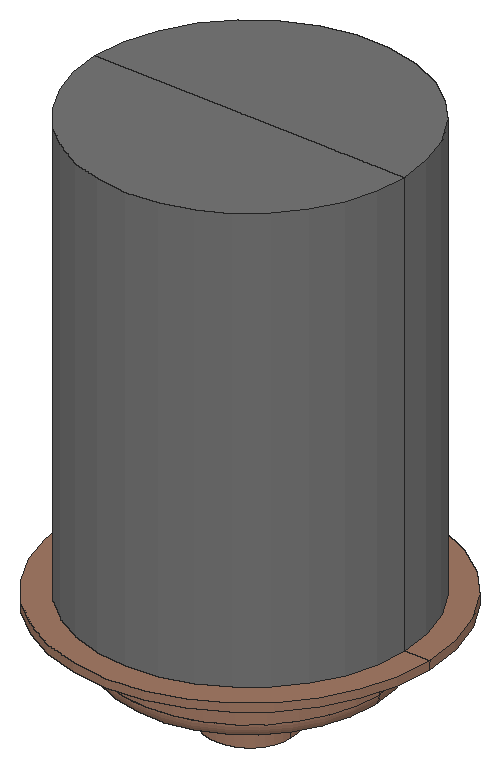
Revit family "Drain-Green_Roof-Jay R. Smith-Round_Type-1900_Series (aa6b9991-9b21-4e79-a296-04797d5d9b2e) (1)", category Plumbing Fixtures, Revit 2021
Family settings
  Round Connector Dimension = Use Radius
  Part Type = Normal
  OmniClass Number = 23.70.50.21.24.11
  OmniClass Title = Roof Waste Water Drains
  Work Plane-Based = Yes
  Always vertical = Yes
  Cut with Voids When Loaded = No
  Shared = No
  Room Calculation Point = No
Parameters (values of type "1900Y03")
  Waste Connection = yes
  Vent Connection = no
  URL = "http://www.jrsmith.com"
  T - Threaded Outlet = no
  Standpipe Material = Plastic-Jay R Smith-White
  R - Sump Receiver = no
  Product Page URL = "https://www.jrsmith.com/green-roof-main-area-drain-with-standpipe-1900"
  Product Documentation Link = "https://www.jrsmith.com/uploads/fileLibrary/d1900.pdf"
  Perforated P.V.C. Standpipe Height = 16 1/2"  # constant formula
  Perforated Gravel Stop Height = 18"  # constant formula
  Overall Diameter = 15 1/4"
  Outlet Radius = Outlet Diameter / 2  # 1 1/2"
  Outlet Diameter = 3"
  Model = "1900Y03"
  Material = "Cast Iron-Jay R Smith-Duco Coated"  # constant formula
  Manufacturer = "Jay R. Smith"  # constant formula
  Load Rating = "Load between 2,000 lbs. (900 kg) and 4,999 lbs. (2,250 kg) per ASME A112.6.3\r\nFloor Drain Standard."
  LXH - Speedi-Set Extra Heavy - 02"(50), 03"(75) & 04"(100) sizes only = no
  L - Speedi-Set Service Weight - 02"(50), 03"(75) & 04"(100) sizes only = no
  Installation Type = "Deck Mounted"  # constant formula
  HW Connection = no
  Gravel Guard Material = Stainless Steel-Jay R Smith-Perforated
  G - Galvanized Cast Iron = no
  Diameter = 15 1/4"  # constant formula
  Description = "Green Roof Main Area Drain with Standpipe"  # constant formula
  Depth Of Body = 5"
  Default Elevation = 0"
  Creation Date = "03/20/2024"  # constant formula
  Connection Outlet Description = "3\" No-HUB Outlet Connection"
  CW Connection = no
  CL - "L" Shaped Underdeck Clamp = no
  C - Underdeck Clamp = no
  Body Material = Cast Iron-Jay R Smith-Duco Coated
  B Dimension/2 = B Dimension / 2  # 2"
  B Dimension = 4"
  Assembly Code = "D2040200"
Types (18): name | T - Threaded Outlet | Outlet Radius | Outlet Diameter | Model | Depth Of Body | Connection Outlet Description | B Dimension/2 | B Dimension
  1900C02 | no | 1" | 2" | "1900C02" | 5" | "2\" Caulk Outlet Connection" | 2" | 4"
  1900C03 | no | 1 1/2" | 3" | "1900C03" | 5" | "3\" Caulk Outlet Connection" | 2" | 4"
  1900C04 | no | 2" | 4" | "1900C04" | 5" | "4\" Caulk Outlet Connection" | 2" | 4"
  1900C05 | no | 2 1/2" | 5" | "1900C05" | 5" | "5\" Caulk Outlet Connection" | 3" | 6"
  1900C06 | no | 3" | 6" | "1900C06" | 5" | "6\" Caulk Outlet Connection" | 3" | 6"
  1900C08 | no | 4" | 8" | "1900C08" | 5" | "8\" Caulk Outlet Connection" | 4" | 8"
  1900Y02 | no | 1" | 2" | "1900Y02" | 5" | "2\" No-HUB Outlet Connection" | 2" | 4"
  1900Y03 | no | 1 1/2" | 3" | "1900Y03" | 5" | "3\" No-HUB Outlet Connection" | 2" | 4"
  1900Y04 | no | 2" | 4" | "1900Y04" | 5" | "4\" No-HUB Outlet Connection" | 2" | 4"
  1900Y05 | no | 2 1/2" | 5" | "1900Y05" | 5" | "5\" No-HUB Outlet Connection" | 3" | 6"
  1900Y06 | no | 3" | 6" | "1900Y06" | 5" | "6\" No-HUB Outlet Connection" | 3" | 6"
  1900Y08 | no | 4" | 8" | "1900Y08" | 5" | "8\" No-HUB Outlet Connection" | 4" | 8"
  1900T02 | yes | 1" | 2" | "1900T02" | 3 3/4" | "2\" Threaded Outlet Connection" | 2" | 4"
  1900T03 | yes | 1 1/2" | 3" | "1900T03" | 3 3/4" | "3\" Threaded Outlet Connection" | 2" | 4"
  1900T04 | yes | 2" | 4" | "1900T04" | 3 3/4" | "4\" Threaded Outlet Connection" | 2" | 4"
  1900T05 | yes | 2 1/2" | 5" | "1900T05" | 3 3/4" | "5\" Threaded Outlet Connection" | 3" | 6"
  1900T06 | yes | 3" | 6" | "1900T06" | 3 3/4" | "6\" Threaded Outlet Connection" | 3" | 6"
  1900T08 | yes | 4" | 8" | "1900T08" | 3 3/4" | "8\" Threaded Outlet Connection" | 4" | 8"
Reference planes (in)
  plane 1 "Center (Front/Back)": y = 0
  plane 2: z = 0
  plane 3 "Center (Left/Right)": x = -0.54782
  plane 4: z = 0
  plane 5: x = 4.95218
  plane 6: z = 18
  plane 7: x = -8.17282
  plane 8: x = 7.07718
  plane 9: x = -7.11032
  plane 10: x = 6.01468
  plane 11: z = 16.5
  plane 12: x = -6.04782
  plane 13: x = 4.95218
  plane 14: z = -5
Forms (in)
  Revolve 1, solid, material "Stainless Steel-Jay R Smith-Perforated" <- "Gravel Guard Material"
    sketch origin (-0.54782, 0, 0) x (1, 0, 0) y (0, 0, 1)
      loop
        line (-6.5625, 18) -> (-6.5625, 0) -> (-6.43087, 0) -> (-6.43087, 17.868) -> (0, 17.868) -> (0, 18) -> (-6.5625, 18)
      axis (0, 18) -> (0, 0)
    angle from 0 to 360
  Revolve 2, solid, material "Cast Iron-Jay R Smith-Duco Coated"
    sketch origin (0, 0, 6) x (1, 0, 0) y (0, 0, 1)
      loop
        line (-2.04782, -11) -> (-2.04782, -6) -> (-2.29782, -6) -> (-2.29782, -11) -> (-2.04782, -11)
      axis (-0.54782, -6) -> (-0.54782, -11)
    angle from 0 to 360
  Revolve 3, solid, material "Cast Iron-Jay R Smith-Duco Coated"
    sketch origin (0, 0, 6) x (1, 0, 0) y (0, 0, 1)
      loop
        line (-0.54782, -6) -> (-8.17282, -6) -> (-8.17282, -6.33608) -> (-6.21642, -7.00972)
        arc (-6.21642, -7.00972) -> (-6.09429, -7.10093) -> (-6.04782, -7.2461) r 0.25
        line (-6.04782, -7.2461) -> (-6.04782, -8.01891)
        arc (-6.04782, -8.01891) -> (-5.86308, -8.46491) -> (-5.41708, -8.64965) r 0.63074
        line (-5.41708, -8.64965) -> (-5.22886, -8.64965)
        arc (-5.22886, -8.64965) -> (-5.13749, -8.87022) -> (-4.91693, -8.96158) r 0.31193
        line (-4.91693, -8.96158) -> (-0.54782, -8.96158) -> (-0.54782, -6)
      axis (-0.54782, -6) -> (-0.54782, -8.96158)
    angle from 0 to 360
  Revolve 4, solid, material "Plastic-Jay R Smith-White" <- "Standpipe Material"
    sketch origin (0, 0, 11) x (1, 0, 0) y (0, 0, 1)
      loop
        line (-2.29782, -11) -> (-2.29782, 5.5) -> (-2.54782, 5.5) -> (-2.54782, -11) -> (-2.29782, -11)
      axis (-0.54782, 5.5) -> (-0.54782, -11)
    angle from 0 to 360
Dimensions and locks (in)
  locked: Revolve 2 sketch curve to Revolve 2 sketch curve at 0.25
  Revolve 3 sketch curve to Revolve 3 sketch curve to Revolve 3 sketch curve to Revolve 3 sketch curve to Revolve 3 sketch curve to Revolve 3 sketch curve = 0.67364" locked, 0.23638" locked, 0.77281" locked, 0.63074" locked, 0.31193" locked
  "Overall Diameter": plane 7 to plane 8
  plane 9 to plane 10 = 13 1/8"
  plane 13 to plane 12 = 11"
  "Perforated Gravel Stop Height": plane 6 to level
  "Perforated P.V.C. Standpipe Height": plane 11 to level
  "Depth Of Body": level to plane 14
  "B Dimension/2": plane 3 "Center (Left/Right)" to Revolve 4 sketch curve
  "Outlet Radius": plane 3 "Center (Left/Right)" to Revolve 2 sketch curve
  locked: Revolve 4 sketch curve to Revolve 4 sketch curve at 0.25
  locked: Revolve 1 sketch curve to Revolve 1 sketch curve at 0.132
  locked: Revolve 1 sketch curve to Revolve 1 sketch curve at 0.13163
  aligned and locked: Revolve 2 sketch curve to plane 3 "Center (Left/Right)"
  aligned and locked: Revolve 4 sketch curve to plane 3 "Center (Left/Right)"
  aligned and locked: Revolve 4 sketch curve to plane 11
  aligned and locked: level to Revolve 4 sketch curve
  aligned and locked: plane 6 to Revolve 1 sketch curve
  aligned and locked: Revolve 1 sketch curve to plane 3 "Center (Left/Right)"
  aligned and locked: plane 3 "Center (Left/Right)" to Revolve 1 sketch curve
  aligned and locked: plane 9 to Revolve 1 sketch curve
Automatic sketch dimensions
  Revolve 1 sketch curve to level = 0"
  Revolve 1 sketch curve to Revolve 1 sketch curve = 3/4"
  Revolve 1 sketch curve to Revolve 1 sketch curve = 1/2"
  plane 7 to Revolve 3 sketch curve = 0"
  Revolve 3 sketch curve to plane 12 = 0"
  Revolve 3 sketch curve to level = 0"
  Revolve 3 sketch curve to plane 3 "Center (Left/Right)" = 0"  (x2)
  Revolve 3 sketch curve to Revolve 3 sketch curve = 1/4"
  Revolve 3 sketch curve to Revolve 3 sketch curve = 0.18822"
  Revolve 3 sketch curve to level = 0.33608"
  Revolve 3 sketch curve to Revolve 3 sketch curve = 0.28842"
  level to Revolve 3 sketch curve = 2 3/4"
  Revolve 2 sketch curve to plane 14 = 0"
  Revolve 2 sketch curve to level = 0"
  plane 14 to Revolve 2 sketch curve = 1 3/4"
  level to Revolve 2 sketch curve = 5 1/4"
  level to Revolve 4 sketch curve = 1 3/4"
  Revolve 4 sketch curve to plane 11 = 6 1/4"
